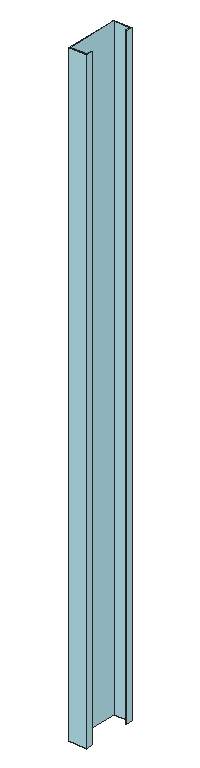
Revit family "hokyozai_90x1-6", category 機械設備, Revit 2022
Family settings
  丸型コネクタ寸法 = 直径を使用
  種別 = なし
  パーツ タイプ = 標準
  作業面ベース = いいえ
  常に垂直 = はい
  ロード時にボイドで切り取り = いいえ
  注釈の向きを維持 = いいえ
  共有 = いいえ
  部屋計算ポイント = いいえ
Parameters
  製造元 = "株式会社桐井製作所"
  既定の高さ = 0 mm
  URL = "https://www.kirii.co.jp/"
  K_長さ(mm) [instance] = 1000 mm
  K_材質 = "SGCC一般用・SGC340~570高強度一般用・SGH340~570高強度一般用"
  K_外形寸法(mm) = "90×30×10×1.6"
  K_品名 = "90補強材×1.6"
  K_名称 = "補強材"
  K_バージョン情報 = "20210524"
  K_めっき付着量 = "Z12"
  K_JIS規格 = "JIS G 3302"
Reference planes
  plane 1 "中心(正面/背面)": y = 0
  plane 2: z = 0
  plane 3 "中心(左/右)": x = 0
  plane 4: z = 1000
  plane 5: y = 90
Forms (mm)
  Extrusion 1, solid
    sketch origin (0, 0, 0) x (1, 0, 0) y (0, 1, 0)
      loop
        line (0, 0) -> (30, 0) -> (30, 10) -> (28.4, 10) -> (28.4, 1.6) -> (1.6, 1.6) -> (1.6, 88.4) -> (28.4, 88.4) -> (28.4, 80) -> (30, 80) -> (30, 90) -> (0, 90) -> (0, 0)
    from 0 to 1000
Dimensions and locks
  "K_長さ(mm)": plane 4 to plane 2
  aligned and locked: level to plane 2
  aligned and locked: plane 4 to Extrusion 1
  aligned and locked: plane 5 to Extrusion 1  (x2)
Automatic sketch dimensions
  Extrusion 1 sketch curve to plane 3 "中心(左/右)" = 0 mm
  plane 1 "中心(正面/背面)" to Extrusion 1 sketch curve = 0 mm
  Extrusion 1 sketch curve to plane 5 = 0 mm
  plane 3 "中心(左/右)" to Extrusion 1 sketch curve = 1.6 mm
  Extrusion 1 sketch curve to plane 1 "中心(正面/背面)" = 10 mm
  Extrusion 1 sketch curve to Extrusion 1 sketch curve = 26.8 mm  (x2)
  Extrusion 1 sketch curve to plane 5 = 10 mm
  Extrusion 1 sketch curve to Extrusion 1 sketch curve = 1.6 mm  (x2)
  Extrusion 1 sketch curve to plane 1 "中心(正面/背面)" = 1.6 mm
  Extrusion 1 sketch curve to plane 5 = 1.6 mm
